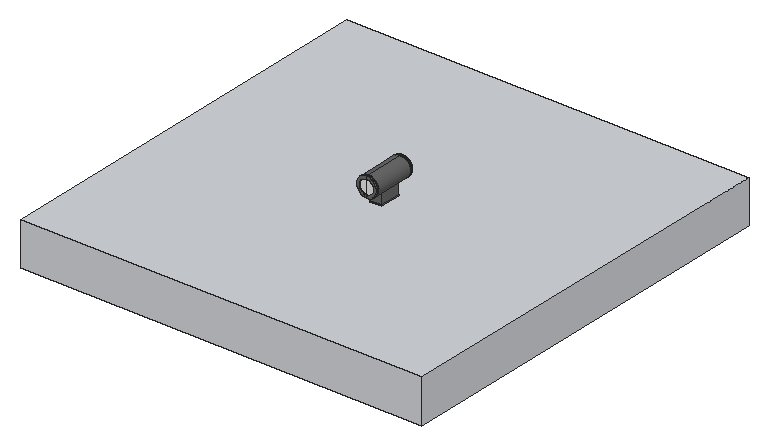
Revit family "Thorn CESAR W 140", category Lighting Fixtures, host Face, Revit 2016
Family settings
  Host = Face
  Part Type = Normal
  Round Connector Dimension = Use Diameter
  OmniClass Number = 23.80.70.14
  OmniClass Title = Luminaries for External Lighting
  Cut with Voids When Loaded = No
  Light Source = Yes
  Shared = No
  Room Calculation Point = No
Parameters (values of type "CESAR W 140")
  Width = 210 mm  # constant formula
  Wattage Comments = ""
  Wattage = 6.42243 W
  built-in parameter 1150110 = 1 (stored number, unit not read)
  Voltage = 230 V
  URL = "www.thornlighting.com/96632342"
  Type Comments = "© Thorn. We reserve the right to make technical changes without prior notice."  # constant formula
  built-in parameter 1114217 = 1 (stored number, unit not read)
  Tilt Angle = 90.00°
  built-in parameter 1150109 = 1 (stored number, unit not read)
  built-in parameter 1150134 = (empty or 0)
  built-in parameter 1150113 = 1 (stored number, unit not read)
  Reflector = ZG_Cover_Self_llumination_Opaque
  Photometric Web File = "96632342_(STD).IES"
  Model = "96632342"
  Manufacturer = "Thorn Lighting"  # constant formula
  built-in parameter 1150105 = 3390.7 (stored number, unit not read)
  Lumens = 954 lm
  built-in parameter 1150115 = 1 (stored number, unit not read)
  built-in parameter 1150137 = (empty or 0)
  built-in parameter 1150139 = (empty or 0)
  Length = 140 mm  # constant formula
  built-in parameter 1150112 = 1 (stored number, unit not read)
  built-in parameter 1150114 = 1 (stored number, unit not read)
  Lamp = "LED"
  built-in parameter 1150132 = 2
  built-in parameter 1150102 = (empty or 0)
  built-in parameter 1150107 = 3000 (stored number, unit not read)
  built-in parameter 1150138 = (empty or 0)
  built-in parameter 1150106 = 33.907 (stored number, unit not read)
  Height = 315 mm  # constant formula
  Emit from Circle Diameter = 100 mm
  Emit Shape Visible in Rendering = no
  built-in parameter 1150104 = 13.8 (stored number, unit not read)
  Dimming Lamp Color Temperature Shift = <None>
  Description = "Wall mounted LED luminaires"  # constant formula
  Default Elevation = 0 mm
  Color Filter = 16777215
  Body = ZG_Plastic_Black
  built-in parameter 1114218 = 1 (stored number, unit not read)
  built-in parameter 1150133 = 10 (stored number, unit not read)
  Assembly Code = "D5020200"
  Apparent Load = 16 VA
Reference planes
  plane 1 "Center (Front/Back)": y = 0
  plane 2 "Top": z = 0
  plane 3 "Center (Left/Right)": x = 399.5
  plane 4: z = 140
Forms (mm)
  Extrusion 1, solid
    sketch origin (116.179, 575, 0) x (1, 0, 0) y (0, 1, 0)
      loop
        line (-1126.679, 856.145) -> (-1126.679, -2006.145) -> (1693.321, -2006.145) -> (1693.321, 856.145) -> (-1126.679, 856.145)
    from 0 to -304.8
  Extrusion 2, solid, material "ZG_Plastic_Black" <- "Body"
    sketch origin (83.776, 0, 0) x (1, 0, 0) y (0, 1, 0)
      loop
        line (275.724, -75) -> (355.724, -75) -> (355.724, 75) -> (275.724, 75) -> (275.724, -75)
    from 0 to 5
  Revolve 3, solid, material "ZG_Plastic_Black" <- "Body"
    sketch origin (399.5, 0, 0) x (0, 0, -1) y (0, -1, 0)
      loop
        line (-210, -139.483) -> (-207, -139.483) -> (-207, -142.483) -> (-210, -142.483) -> (-210, -146.47) -> (-208.5, -146.47) -> (-208.5, -149.47) -> (-210, -149.47) -> (-210, -155) -> (-190, -155) -> (-140, -160) -> (-140, 153) -> (-190, 153) -> (-190, 155) -> (-210, 155) -> (-210, 149.47) -> (-208.5, 149.47) -> (-208.5, 146.47) -> (-210, 146.47) -> (-210, 142.483) -> (-207, 142.483) -> (-207, 139.483) -> (-210, 139.483) -> (-210, -139.483)
      axis (-140, -160) -> (-140, 155)
    angle from 0 to 360
  Extrusion 4, solid, material "ZG_Plastic_Black" <- "Body"
    sketch origin (0, 0, 0) x (1, 0, 0) y (0, 1, 0)
      loop
        line (361.5, 73) -> (361.5, -73) -> (437.5, -73) -> (437.5, 73) -> (361.5, 73)
    from 5 to 81.212
Cuts and joins
  joined: Revolve 3, Extrusion 4
Dimensions and locks
  aligned and locked: Extrusion 1 to plane 2 "Top"
  aligned and locked: Extrusion 1 to level
Connectors
  electrical at (399.5, 0, 0), driven by "Voltage", driven by "Apparent Load"
    settings: on Extrusion 2, index 1, voltage 230 V, apparent load 16 VA, apparent load phase1 0 VA, apparent load phase2 0 VA, apparent load phase3 0 VA, power factor 1, load classification "Lighting", number of poles 1, system type 30, power factor state 1, is connector primary yes, connector utility no, sub classification motor no, connector description "Power"
